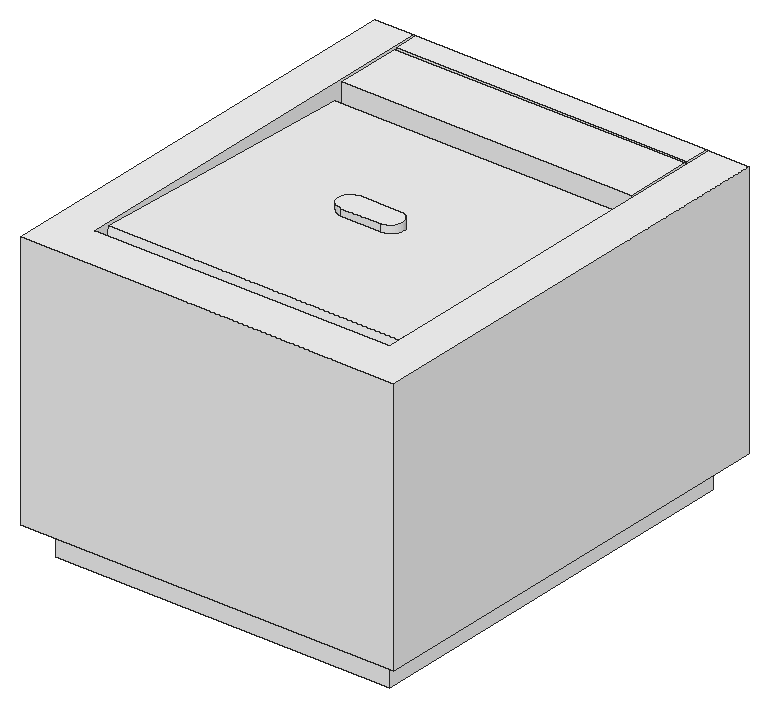
Revit family "Gira_010630", category Electrical Fixtures, host Face, Revit 2017
Family settings
  Host = Face
  Maintain Annotation Orientation = Yes
  Round Connector Dimension = Use Diameter
  Part Type = Normal
  Cut with Voids When Loaded = No
  Shared = No
  Room Calculation Point = No
Parameters (values of type "Wippschalter AusWe WG AP Grau")
  Zusammenstellung = "Basiselement mit Komplettgehäuse"
  White [instance] = White
  Werkstoffgüte = "sonstige"
  Werkstoff = "sonstige"
  Waschmaschinenschalter = "No"
  URL = "http://katalog.gira.de/de_DE/datenblatt.html?artikelnr=010630"
  Textfeld/Beschriftungsfläche = "nein"
  Tastschalter = "No"
  Schaltungsart = "Wechselschalter"
  Rückmeldekontakt = "No"
  Region = "DE"
  Oberfläche = "sonstige"
  Nennspannung = "250 Volt"
  Name = "Wippschalter AusWe WG AP Grau"
  Montageart = "auf Putz"
  Mit Montageplatte = "No"
  Manufacturer URL = "https://www.gira.de/"
  HeinzeBIM = "https://bimportal.heinze.de/bim/wippschalter-auswe-wg-ap-grau/fcb84afc490c292ab84395f3e10d1376d8623abc"
  Halogenfrei = "No"
  HAN = "010630"
  Geeignet für Schutzart (IP) = "IP44"
  GTIN = "4010337106302"
  Farbe = "grau"
  Default Elevation = 1219.2 mm
  Data sheet (1) = "https://katalog.gira.de/de_DE/download.html?artikelnr=010630"
  Category = "Installationsschalter"
  Bemessungsstrom = "10 Ampere"
  Beleuchtungsfunktion = "beleuchtet wenn eingeschaltet"
  Beleuchtung = "ja"
  Befestigungsart = "Schraubbefestigung"
  Bedienungsart = "Wippe/Taste"
  Available = "Yes"
  Anzahl der Module (bei Modulbauweise) = "1 "
  Anzahl der Betätigungswippen = "1 "
  Anschlussart = "Steckklemme"
Reference planes
  plane 1 "Center (Front/Back)": y = 0
  plane 2: z = 0
  plane 3 "Center (Left/Right)": x = 0
  plane 4: x = 30
  plane 5: x = -30
  plane 6: z = 41.4
Forms (mm)
  Extrusion 1, solid, material "White" <- "White", detail levels medium+fine
    sketch origin (0, 0, 0) x (1, 0, 0) y (0, 1, 0)
      loop
        line (-34, 41) -> (-34, -41) -> (34, -41) -> (34, 41) -> (-34, 41)
    from 0 to -6.2
  Extrusion 2, solid, material "White" <- "White", detail levels medium+fine
    sketch origin (0, 0, 0) x (1, 0, 0) y (0, 1, 0)
      loop
        line (-38, 45) -> (-38, -45) -> (38, -45) -> (38, 45) -> (-38, 45)
    from 0 to 52.4
  Extrusion 3, void
    sketch origin (0, 0, 0) x (1, 0, 0) y (0, 0, 1)
      loop
        line (-30, 59.413) -> (-30, 41.4) -> (30, 41.4) -> (30, 59.413) -> (-30, 59.413)
    from 36 to -113.06
  Extrusion 4, solid, material "White" <- "White", detail levels medium
    sketch origin (225, 0, 0) x (1, 0, 0) y (0, 1, 0)
      loop
        line (-254.5, 44.5) -> (-254.5, -35.5) -> (-195.5, -35.5) -> (-195.5, 44.5) -> (-254.5, 44.5)
    from 41.4 to 52.4
  Extrusion 5, solid, material "White" <- "White", detail levels fine
    sketch origin (0, 0, 0) x (1, 0, 0) y (0, 1, 0)
      loop
        line (-29.5, 45) -> (-29.5, 40) -> (29.5, 40) -> (29.5, 45) -> (-29.5, 45)
    from 41.4 to 52.4
  Extrusion 6, solid, material "White" <- "White", detail levels fine
    sketch origin (0, 0, 0) x (1, 0, 0) y (0, 1, 0)
      loop
        line (29.5, 39.5) -> (-29.5, 39.5) -> (-29.5, 26) -> (29.5, 26) -> (29.5, 39.5)
    from 41.4 to 52.4
  Extrusion 7, solid, material "White" <- "White", detail levels fine
    sketch origin (0, 0, 0) x (1, 0, 0) y (0, 1, 0)
      loop
        arc (-4, -1) -> (-6.5, -3.5) -> (-4, -6) r 2.5
        line (-4, -6) -> (4, -6)
        arc (4, -6) -> (6.5, -3.5) -> (4, -1) r 2.5
        line (4, -1) -> (-4, -1)
    from 41.4 to 52.4
  Extrusion 8, solid, material "White" <- "White", detail levels coarse
    sketch origin (0, 0, 0) x (1, 0, 0) y (0, 1, 0)
      loop
        line (-38, 46) -> (-38, -45) -> (38, -45) -> (38, 46) -> (-38, 46)
    from -6.2 to 52.4
  Extrusion 9, solid, material "White" <- "White", detail levels medium+fine
    sketch origin (0, 0, 0) x (1, 0, 0) y (0, 0, 1)
      loop
        circle (0, 14) r 3.6
    from -46 to -45
  Extrusion 10, solid, material "White" <- "White", detail levels fine
    sketch origin (0, 0, 0) x (0, 1, 0) y (0, 0, 1)
      loop
        line (-36, 41.4) -> (26, 41.4) -> (24.38, 49.736) -> (-33.115, 52.169) -> (-36, 41.4)
    from -29.5 to 29.5
Cuts and joins
  Extrusion 3 cuts Extrusion 2
Dimensions and locks
  aligned and locked: plane 2 to host face
  aligned and locked: level to host face
  aligned and locked: plane 3 "Center (Left/Right)" to nested 1
  aligned and locked: plane 1 "Center (Front/Back)" to nested 1
Nested families
  nested 1: "Schalter" at (0, 0, 0), type "Schalter"
Connectors
  electrical at (0, 0, -6.2)
    settings: on Extrusion 1, index 1, voltage 224 V, apparent load 0 VA, apparent load phase1 0 VA, apparent load phase2 0 VA, apparent load phase3 0 VA, power factor 1, load classification "Other", number of poles 1, system type 30, power factor state 1, is connector primary yes, connector utility no, sub classification motor no, connector description ""
Definition of nested family "Schalter"
  Reference planes
    plane 1: y = 0
    plane 2: x = 0
  Lines and regions (mm)
    detail lines
      curve 1: circle (1.375, 2.778, 0) r 0.8 normal (0, 0, 1)
      curve 2: line (1.021, 2.061, 0) -> (0, 0, 0)
      curve 3: line (0, 0, 0) -> (-0.538, 0.266, 0)
  Dimensions and locks
    curve 2 to curve 2 = 2.3 mm
    curve 3 to curve 2 = 0.6 mm
    radius of curve 1 = 0.8 mm
